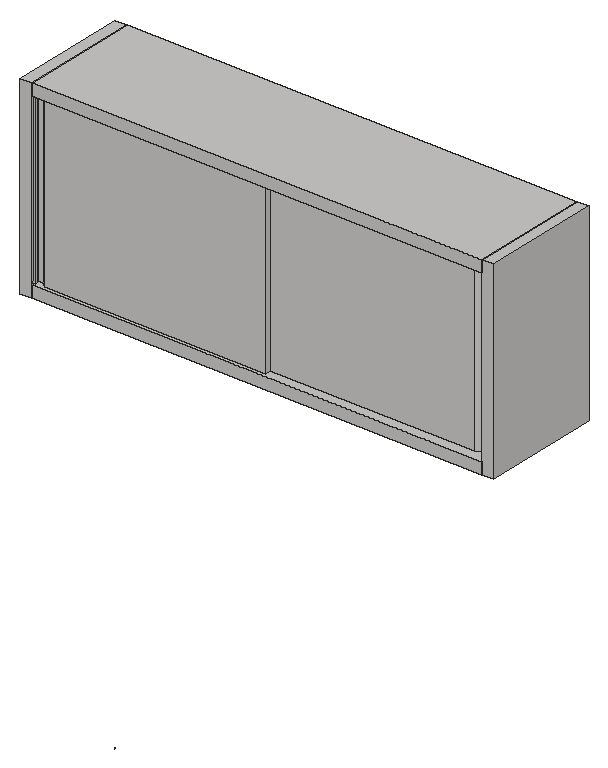
Revit family "QF_ZANUSSI_133121_PS1600EN", category Attrezzature speciali, Revit 2020
Family settings
  Quota connettore circolare = Usa diametro
  Tipo di parte = Normale
  Basato su piano di lavoro = No
  Sempre verticale = Sì
  Taglio con vuoti quando caricato = No
  Condiviso = No
  Punto di calcolo locali = No
Parameters (values of type "Standard")
  Weight = 31.00 kg
  Watts = 0 W
  Volts = 0 V
  URL Manufacturer = "http://www.zanussiprofessional.com"
  URL = "http://www.zanussiprofessional.com"
  Steam Supply Size = 0 mm
  Steam Supply Minimum Pressure = 0.0 Pa
  Steam Supply Maximum Pressure = 0.0 Pa
  Steam Consumption per Hour = 0
  Refrigeration Suction Line Size = 0.0 mm
  Refrigeration Liquid Line Size = 0.0 mm
  Refrigerant Compressor Remote = yes
  Prospetto di default = 0.0 mm
  Phase = 0
  Modello = "PS1600EN"
  Produttore = "Zanussi"
  Length Actual = 1600.0 mm  # constant formula
  Item Number = "133121"
  Hot Water Size = 0 mm
  Height Actual = 650.0 mm  # constant formula
  HP = "0 HP"
  Gas Size = 0 mm
  Gas KW = 0
  Gas Input Pressure = 0 W
  Direct Waste Size = 0 mm
  Descrizione = "WALL CUPBOARD W/2 SLIDING DOORS 1600 MM"
  Depth Actual = 400.0 mm  # constant formula
  Cycle = 0 Hz
  Condensate Return Size = 0 mm
  Compressed Air Volume = 0.0 L/s
  Compressed Air Size = 0 mm
  Compressed Air Pressure = 0.0 Pa
  Cold Water Size = 0 mm
  Accessory = yes
Reference planes
  plane 1 "Center (Front/Back)": y = 0
  plane 2: z = 0
  plane 3 "Center (Left/Right)": x = -300
  plane 4 "LEFT": x = -1100
  plane 5 "RIGHT": x = 500
  plane 6 "BACK": y = 200
  plane 7 "FRONT": y = -200
  plane 8 "Base": z = 2200
  plane 9 "BASE": z = 1550
  plane 10: x = -1060
  plane 11: x = 460
  plane 12: y = -197
  plane 13: y = 150
  plane 14: y = 197
Forms (mm)
  Extrusion 1, solid, material "QF_Finishes_Stainless Steel"
    sketch origin (0, 0, 1550) x (-1, 0, 0) y (0, -1, 0)
      loop
        line (1100, -200) -> (1100, 200) -> (1060, 200) -> (1060, -200) -> (1100, -200)
      loop
        line (-460, -200) -> (-460, 200) -> (-500, 200) -> (-500, -200) -> (-460, -200)
    from 0 to 650
  Extrusion 2, solid, material "QF_Finishes_Stainless Steel"
    sketch origin (0, 0, 1550) x (-1, 0, 0) y (0, -1, 0)
      loop
        line (1060, 200) -> (-460, 200) -> (-460, -200) -> (1060, -200) -> (1060, 200)
    from 0 to 40
  Extrusion 3, solid, material "QF_Finishes_Stainless Steel"
    sketch origin (0, 0, 0) x (1, 0, 0) y (0, 1, 0)
      loop
        line (-1060, -200) -> (460, -200) -> (460, 200) -> (-1060, 200) -> (-1060, -200)
    from 2160 to 2200
  Extrusion 4, solid, material "QF_Finishes_Stainless Steel"
    sketch origin (0, 0, 0) x (1, 0, 0) y (0, 1, 0)
      loop
        line (-273.481, -197) -> (-273.481, -177) -> (-1057, -177) -> (-1057, -197) -> (-1047, -197) -> (-1047, -194) -> (-1054, -194) -> (-1054, -182) -> (-1037, -182) -> (-1017, -197) -> (-273.481, -197)
    from 1597 to 2160
  Extrusion 5, solid, material "QF_Finishes_Stainless Steel"
    sketch origin (0, 0, 0) x (1, 0, 0) y (0, 1, 0)
      loop
        line (-326.5, -177) -> (417, -177) -> (437, -162) -> (454, -162) -> (454, -174) -> (447, -174) -> (447, -177) -> (457, -177) -> (457, -157) -> (-326.5, -157) -> (-326.5, -177)
    from 2160 to 1597
  Extrusion 6, solid, material "QF_Finishes_Stainless Steel"
    sketch origin (0, 0, 0) x (1, 0, 0) y (0, 1, 0)
      loop
        line (-273.481, 197) -> (-1017, 197) -> (-1037, 182) -> (-1054, 182) -> (-1054, 194) -> (-1047, 194) -> (-1047, 197) -> (-1057, 197) -> (-1057, 177) -> (-273.481, 177) -> (-273.481, 197)
    from 1597 to 2160
  Extrusion 7, solid, material "QF_Finishes_Stainless Steel"
    sketch origin (0, 0, 0) x (1, 0, 0) y (0, 1, 0)
      loop
        line (-326.5, 177) -> (-326.5, 157) -> (457, 157) -> (457, 177) -> (447, 177) -> (447, 174) -> (454, 174) -> (454, 162) -> (437, 162) -> (417, 177) -> (-326.5, 177)
    from 2160 to 1597
  Extrusion 8, solid, material "QF_Finishes_Stainless Steel"
    sketch origin (0, 0, 0) x (1, 0, 0) y (0, 1, 0)
      loop
        line (-1100, 200) -> (-1100, 199) -> (-1099, 199) -> (-1099, 200) -> (-1100, 200)
    from 0 to 1
Lines and regions (mm)
  symbolic lines, style "SpecialityEquipmentHiddenLines"
    curve 1: line (457, -157, 0) -> (-326.5, -157, 0)
    curve 2: line (-326.5, -157, 0) -> (-326.5, -177, 0)
    curve 3: line (417, -177, 0) -> (-1057, -177, 0)
    curve 4: line (-273.5, -177, 0) -> (-273.5, -197, 0)
    curve 5: line (-1057, -177, 0) -> (-1057, -197, 0)
    curve 6: line (-1028, -182, 0) -> (-1054, -182, 0)
    curve 20: line (457, 157, 0) -> (-326.5, 157, 0)
    curve 21: line (-326.5, 157, 0) -> (-326.5, 177, 0)
    curve 22: line (417, 177, 0) -> (-1057, 177, 0)
    curve 23: line (-273.5, 177, 0) -> (-273.5, 197, 0)
    curve 24: line (-1057, 177, 0) -> (-1057, 197, 0)
    curve 39: line (-1017, -197, 0) -> (-273.5, -197, 0)
    curve 40: line (-1057, -197, 0) -> (-1047, -197, 0)
    curve 41: line (-1047, 197, 0) -> (-1057, 197, 0)
    curve 42: line (-1017, 197, 0) -> (-273.5, 197, 0)
    curve 43: line (-1017, 197, 0) -> (-1034.75, 183.688, 0)
    curve 44: line (-1028, 182, 0) -> (-1054, 182, 0)
  symbolic lines
    curve 7: line (-1100, 200, 0) -> (500, -200, 0)
    curve 8: line (500, 200, 0) -> (-1100, -200, 0)
    curve 9: line (-1028, -182, 0) -> (-1017, -197, 0)
    curve 10: line (-1054, -182, 0) -> (-1054, -194, 0)
    curve 11: line (-1054, -194, 0) -> (-1047, -194, 0)
    curve 12: line (-1047, -194, 0) -> (-1047, -197, 0)
    curve 13: line (457, -157, 0) -> (457, -177, 0)
    curve 14: line (457, -177, 0) -> (447, -177, 0)
    curve 15: line (447, -177, 0) -> (447, -174, 0)
    curve 16: line (447, -174, 0) -> (454, -174, 0)
    curve 17: line (454, -174, 0) -> (454, -162, 0)
    curve 18: line (454, -162, 0) -> (437, -162, 0)
    curve 19: line (417, -177, 0) -> (437, -162, 0)
    curve 25: line (-1054, 182, 0) -> (-1054, 194, 0)
    curve 26: line (-1054, 194, 0) -> (-1047, 194, 0)
    curve 27: line (-1047, 194, 0) -> (-1047, 197, 0)
    curve 28: line (457, 157, 0) -> (457, 177, 0)
    curve 29: line (457, 177, 0) -> (447, 177, 0)
    curve 30: line (447, 177, 0) -> (447, 174, 0)
    curve 31: line (447, 174, 0) -> (454, 174, 0)
    curve 32: line (454, 174, 0) -> (454, 162, 0)
    curve 33: line (454, 162, 0) -> (437, 162, 0)
    curve 34: line (417, 177, 0) -> (437, 162, 0)
    curve 35: line (-1100, 200, 0) -> (500, 200, 0)
    curve 36: line (-1100, -200, 0) -> (-1100, 200, 0)
    curve 37: line (500, -200, 0) -> (-1100, -200, 0)
    curve 38: line (500, 200, 0) -> (500, -200, 0)
Dimensions and locks
  plane 4 "LEFT" to plane 5 "RIGHT" = 1600.0 mm
  equal spacing: plane 4 "LEFT", plane 3 "Center (Left/Right)", plane 5 "RIGHT"
  plane 6 "BACK" to plane 7 "FRONT" = 400.0 mm
  equal spacing: plane 6 "BACK", plane 1 "Center (Front/Back)", plane 7 "FRONT"
  plane 9 "BASE" to level = 1550.0 mm
  locked: plane 4 "LEFT" to plane 10 at 40
  locked: plane 11 to plane 5 "RIGHT" at 40
  plane 12 to plane 7 "FRONT" = 3.0 mm
  plane 6 "BACK" to plane 13 = 50.0 mm
  locked: plane 8 "Base" to plane 9 "BASE" at 650
  aligned and locked: level to plane 2
  aligned and locked: plane 8 "Base" to Extrusion 1
  aligned and locked: plane 6 "BACK" to Extrusion 1 sketch curve
  aligned and locked: Extrusion 1 sketch curve to plane 6 "BACK"
  aligned and locked: plane 7 "FRONT" to Extrusion 1 sketch curve
  aligned and locked: Extrusion 1 sketch curve to plane 7 "FRONT"
  aligned and locked: plane 10 to Extrusion 1
  aligned and locked: Extrusion 1 to plane 11
  aligned and locked: Extrusion 2 to plane 10
  aligned and locked: plane 11 to Extrusion 2
  aligned and locked: plane 8 "Base" to Extrusion 3
  aligned and locked: Extrusion 3 to plane 7 "FRONT"
  aligned and locked: Extrusion 2 to plane 7 "FRONT"
  aligned and locked: curve 43 to Extrusion 6
  aligned and locked: curve 44 to Extrusion 6
Automatic sketch dimensions
  Extrusion 1 sketch curve to plane 5 "RIGHT" = 0.0 mm
  Extrusion 1 sketch curve to plane 11 = 0.0 mm
  Extrusion 1 sketch curve to plane 10 = 0.0 mm
  Extrusion 1 sketch curve to plane 4 "LEFT" = 0.0 mm
  Extrusion 3 sketch curve to plane 10 = 0.0 mm
  Extrusion 3 sketch curve to plane 11 = 0.0 mm
  Extrusion 3 sketch curve to plane 12 = 3.0 mm
  Extrusion 3 sketch curve to plane 14 = 3.0 mm
  Extrusion 4 sketch curve to plane 12 = 0.0 mm  (x2)
  plane 10 to Extrusion 4 sketch curve = 3.0 mm
  Extrusion 4 sketch curve to Extrusion 4 sketch curve = 3.0 mm
  Extrusion 4 sketch curve to Extrusion 4 sketch curve = 7.0 mm
  Extrusion 4 sketch curve to Extrusion 4 sketch curve = 10.0 mm
  plane 3 "Center (Left/Right)" to Extrusion 4 sketch curve = 26.519 mm
  plane 12 to Extrusion 4 sketch curve = 3.0 mm
  Extrusion 4 sketch curve to Extrusion 4 sketch curve = 12.0 mm
  Extrusion 4 sketch curve to Extrusion 4 sketch curve = 20.0 mm  (x2)
  Extrusion 4 sketch curve to Extrusion 4 sketch curve = 0.0 mm
  Extrusion 5 sketch curve to plane 3 "Center (Left/Right)" = 26.5 mm
  plane 12 to Extrusion 5 sketch curve = 20.0 mm  (x2)
  Extrusion 5 sketch curve to plane 11 = 43.0 mm
  Extrusion 5 sketch curve to plane 11 = 23.0 mm
  Extrusion 5 sketch curve to plane 11 = 13.0 mm
  Extrusion 5 sketch curve to plane 11 = 6.0 mm
  Extrusion 5 sketch curve to plane 11 = 3.0 mm
  Extrusion 5 sketch curve to Extrusion 5 sketch curve = 3.0 mm
  Extrusion 5 sketch curve to Extrusion 5 sketch curve = 12.0 mm
  Extrusion 5 sketch curve to Extrusion 5 sketch curve = 20.0 mm
  plane 14 to Extrusion 6 sketch curve = 0.0 mm  (x2)
  Extrusion 6 sketch curve to plane 10 = 3.0 mm
  Extrusion 6 sketch curve to Extrusion 6 sketch curve = 3.0 mm
  Extrusion 6 sketch curve to Extrusion 6 sketch curve = 7.0 mm
  Extrusion 6 sketch curve to Extrusion 6 sketch curve = 10.0 mm
  Extrusion 6 sketch curve to plane 3 "Center (Left/Right)" = 26.519 mm
  Extrusion 6 sketch curve to plane 14 = 3.0 mm
  Extrusion 6 sketch curve to Extrusion 6 sketch curve = 12.0 mm
  Extrusion 6 sketch curve to Extrusion 6 sketch curve = 20.0 mm  (x2)
  Extrusion 6 sketch curve to Extrusion 6 sketch curve = 0.0 mm
  plane 3 "Center (Left/Right)" to Extrusion 7 sketch curve = 26.5 mm
  Extrusion 7 sketch curve to plane 14 = 20.0 mm  (x2)
  plane 11 to Extrusion 7 sketch curve = 43.0 mm
  plane 11 to Extrusion 7 sketch curve = 23.0 mm
  plane 11 to Extrusion 7 sketch curve = 13.0 mm
  plane 11 to Extrusion 7 sketch curve = 6.0 mm
  plane 11 to Extrusion 7 sketch curve = 3.0 mm
  Extrusion 7 sketch curve to Extrusion 7 sketch curve = 3.0 mm
  Extrusion 7 sketch curve to Extrusion 7 sketch curve = 12.0 mm
  plane 13 to Extrusion 7 sketch curve = 7.0 mm
  Extrusion 8 sketch curve to plane 6 "BACK" = 0.0 mm
  Extrusion 8 sketch curve to plane 4 "LEFT" = 0.0 mm
  plane 4 "LEFT" to Extrusion 8 sketch curve = 1.0 mm
  Extrusion 8 sketch curve to plane 6 "BACK" = 1.0 mm
  curve 37 to plane 4 "LEFT" = 0.0 mm
  curve 5 to plane 12 = 0.0 mm
  plane 14 to curve 24 = 0.0 mm
  curve 39 to plane 12 = 0.0 mm
  curve 38 to plane 5 "RIGHT" = 0.0 mm
  curve 7 to plane 7 "FRONT" = 0.0 mm
  curve 7 to plane 6 "BACK" = 0.0 mm
  plane 10 to curve 24 = 3.0 mm
  plane 10 to curve 5 = 3.0 mm
  curve 24 to curve 25 = 3.0 mm
  curve 3 to curve 6 = 3.0 mm
  plane 12 to curve 12 = 3.0 mm
  curve 10 to curve 12 = 7.0 mm
  curve 25 to curve 27 = 7.0 mm
  curve 12 to curve 39 = 30.0 mm
  curve 1 to plane 3 "Center (Left/Right)" = 26.5 mm
  curve 20 to plane 13 = 7.0 mm
  curve 20 to plane 3 "Center (Left/Right)" = 26.5 mm
  plane 3 "Center (Left/Right)" to curve 23 = 26.5 mm
  plane 3 "Center (Left/Right)" to curve 39 = 26.5 mm
  plane 12 to curve 3 = 20.0 mm
  curve 3 to plane 11 = 43.0 mm
  curve 34 to plane 11 = 43.0 mm
  curve 34 to plane 11 = 23.0 mm
  curve 18 to plane 11 = 23.0 mm
  curve 14 to plane 11 = 13.0 mm
  curve 29 to plane 11 = 13.0 mm
  curve 32 to plane 11 = 6.0 mm
  curve 17 to plane 11 = 6.0 mm
  curve 29 to plane 11 = 3.0 mm
  curve 13 to plane 11 = 3.0 mm
  curve 6 to curve 3 = 5.0 mm
  plane 12 to curve 13 = 20.0 mm
  curve 14 to curve 16 = 3.0 mm
  curve 15 to curve 19 = 12.0 mm
  curve 2 to curve 2 = 20.0 mm
  curve 20 to curve 33 = 5.0 mm
  curve 32 to curve 31 = 12.0 mm
  curve 31 to curve 28 = 3.0 mm
  plane 14 to curve 26 = 3.0 mm
  plane 12 to curve 9 = 15.0 mm
  Extrusion 2 sketch curve to plane 7 "FRONT" = 0.0 mm
  Extrusion 2 sketch curve to plane 6 "BACK" = 0.0 mm
  Extrusion 2 sketch curve to plane 11 = 0.0 mm
  Extrusion 2 sketch curve to plane 10 = 0.0 mm
  plane 14 to curve 42 = 0.0 mm
  curve 22 to curve 25 = 5.0 mm
